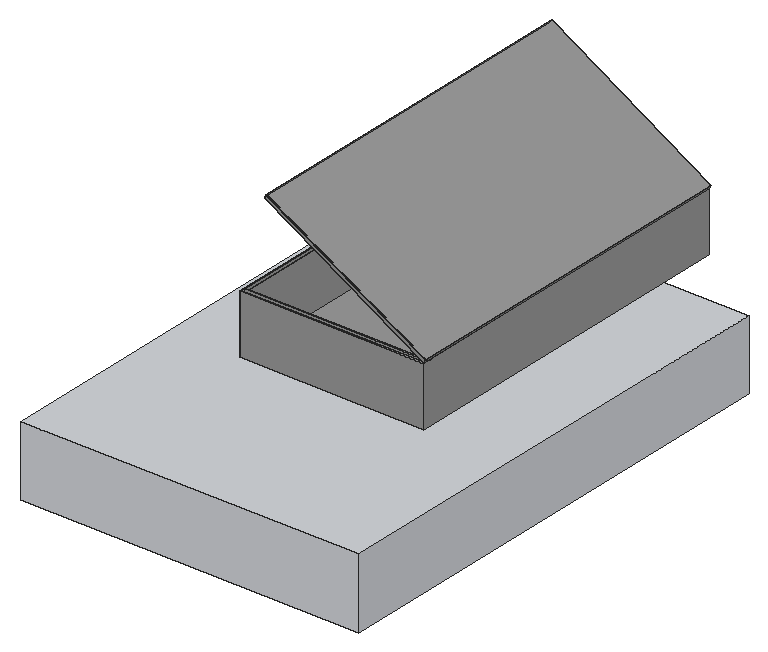
Revit family "Hager-Univers-IP55-D275-H1550-Cl.II-Steel_encl-DE-de", category Equipement électrique, Revit 2020
Family settings
  Hôte = Face
  Configuration du panneau = Deux colonnes, circuits au sein
  Cote de connecteur circulaire = Utiliser le diamètre
  Type d'élément = Tableau de raccordement
  Couper avec des vides une fois chargée = Non
  Partagée = Non
  Point de calcul de pièce = Non
Parameters (values of type "Aufputz IP55 B800 H1550 T275  - FR03S")
  Width Control [instance] = if([EF000008 - Breite] > Min Width, [EF000008 - Breite], Min Width)  # 800 mm
  Commentaires du type = [HG000003 - Bereich]  # "Univers"
  Thickness Door [instance] = if([EF009171 - Materialstärke Tür/Deckel] > 3 mm, 3 mm, [EF009171 - Materialstärke Tür/Deckel])  # 1.5 mm
  Seal Frame Offset [instance] = 17 mm  # constant formula
  Plinth Visibility [instance] = [HG000027 - Sockelhöhe] > 0 mm  # no
  Model = ""
  Min Width [instance] = 100 mm  # constant formula
  Min Height [instance] = 100 mm  # constant formula
  Min Depth [instance] = (2 * [EF009170 - Materialstärke Gehäuse]) + 1 mm  # 4 mm
  Internal Frame Depth [instance] = (Door System Depth * 0.5)  # 9 mm
  Height Control [instance] = if([EF000040 - Höhe] > Min Height, [EF000040 - Höhe], Min Height)  # 1550 mm
  HG000027 - Sockelhöhe = 0 mm
  HG000026 - Stehend auf dem Boden = no
  HG000024 - Höhe des unteren Teils = 800 mm
  HG000023 - Gehäuse mit doppeltem Querschnitt = no
  HG000016 - 3D-Türsichtbarkeit [instance] = yes
  HG000015 - Sichtbarkeit der Türöffnung [instance] = no
  HG000014 - Tür rechts [instance] = yes
  HG000013 - Tür links [instance] = not([HG000014 - Tür rechts])  # no
  HG000012 - Türschwenkwinkel [instance] = 30.00°
  HG000010 - Asymmetrische Türen = no
  HG000009 - Doppelflügeligen Tür = no
  HG000006 - Unterputz = no
  HG000004 - Herstellerreferenz = "FR03S"
  HG000003 - Bereich = "Univers"
  HG000002 - Mit tür = yes
  Frame Offset Bottom [instance] = 10 mm  # constant formula
  Frame Offset [instance] = 15 mm  # constant formula
  EF015940 - Deckel mit Überdruckentlastung = no
  EF011959 - Schutzart (NEMA) = ""
  EF009554 - Anzahl der Öffnungen für Flanschplatten = 6
  Fabricant = "Hager"  # constant formula
  EF009212 - Ausführung Deckel = "EV000116 - geschlossen"
  EF009171 - Materialstärke Tür/Deckel = 1.5 mm
  EF009170 - Materialstärke Gehäuse = 1.5 mm
  EF008873 - Nennstrom (In) = 800 A
  EF007800 - Geeignet für Blitzschutz = no
  EF006306 - Mit Schloss = no
  EF006244 - Transparenter Deckel/Tür = no
  EF005474 - Schutzart (IP) = "EV006420 - IP55"
  EF004464 - Art der Tür = "EV002646 - Einzel"
  EF004427 - Anzahl der Module = 360
  EF004293 - Schlagfestigkeit = "EV008784 - IK10"
  EF003532 - Geeignet für Außengebrauch = no
  EF002950 - Breite in Teilungseinheiten = 24
  EF001613 - Funktionserhalt = "EV000494 - ohne"
  EF001596 - Werkstoff des Gehäuses = "EV000179 - Stahl"
  EF001131 - Innentiefe = 275 mm
  EF001088 - Anbaumöglichkeit = yes
  EF000437 - Anzahl der Leitungseinführungen = 6
  EF000339 - Art der Abdeckung = "EV004216 - Tür"
  EF000266 - Anzahl der Reihen = 10
  EF000218 - Einbautiefe = 0 mm
  EF000118 - Mit Montageplatte = no
  EF000116 - RAL-Nummer = "7035"
  EF000049 - Tiefe = 275 mm
  EF000040 - Höhe = 1550 mm
  EF000008 - Breite = 800 mm
  EF000007 - Farbe = "EV000270 - grau"
  EF000003 - Montageart = "EV000384 - Aufputz"
  Door System Leaf Tolerance [instance] = 1.5 mm  # constant formula
  Door System Depth [instance] = 18 mm  # constant formula
  Door Height [instance] = Height Control - [HG000027 - Sockelhöhe]  # 1550 mm
  Depth Control [instance] = if([EF000049 - Tiefe] > Min Depth, [EF000049 - Tiefe], Min Depth)  # 275 mm
  Default Elevation = 0 mm
  Connector Offset [instance] = Height Control / 2  # 775 mm
  Bottom Top Plate Trim [instance] = 1.5 mm  # constant formula
  Plinth height Ctrl [instance] = if([HG000027 - Sockelhöhe] > 0 mm, [HG000027 - Sockelhöhe], 12 mm)  # 12 mm
Types (5, lengths in mm): name | Width Control | HG000010 - Asymmetrische Türen | HG000009 - Doppelflügeligen Tür | HG000004 - Herstellerreferenz | EF009554 - Anzahl der Öffnungen für Flanschplatten | EF004464 - Art der Tür | EF004427 - Anzahl der Module | EF000437 - Anzahl der Leitungseinführungen | EF000008 - Breite
  Aufputz IP55 B1050 H1550 T275  - FR04S | 1050 | no | yes | "FR04S" | 8 | "EV003602 - Doppel" | 480 | 8 | 1050
  Aufputz IP55 B1300 H1550 T275  - FR05S | 1300 | yes | yes | "FR05S" | 10 | "EV003602 - Doppel" | 600 | 10 | 1300
  Aufputz IP55 B300 H1550 T275  - FR01S | 300 | no | no | "FR01S" | 2 | "EV002646 - Einzel" | 120 | 2 | 300
  Aufputz IP55 B550 H1550 T275  - FR02S | 550 | no | no | "FR02S" | 4 | "EV002646 - Einzel" | 240 | 4 | 550
  Aufputz IP55 B800 H1550 T275  - FR03S | 800 | no | no | "FR03S" | 6 | "EV002646 - Einzel" | 360 | 6 | 800
Reference planes
  plane 1 "Center (Front/Back)": y = 0
  plane 2: z = 0
  plane 3 "Center (Left/Right)": x = 0
  plane 4: z = 275
  plane 5: y = 1.5
  plane 6: y = 775
  plane 7: y = 0
  plane 8: y = 1550
  plane 9: z = 0
  plane 10: x = -385
  plane 11: x = 385
  plane 12: x = 383.5
  plane 13: x = -383.5
  plane 14: y = 1548.5
  plane 15: x = -383
  plane 16: x = -400
  plane 17: x = 383
  plane 18: x = 400
  plane 19: x = 398.5
  plane 20: x = -398.5
  plane 21: y = 11.5
  plane 22: y = 1550
  plane 23: y = 1533.5
  plane 24: z = 257
  plane 25: z = 1.5
  plane 26: z = 255.5
  plane 27: z = 273.5
Forms (mm)
  Extrusion 1, solid
    sketch origin (0, 0, 0) x (1, 0, 0) y (0, 1, 0)
      loop
        line (-702.964, 1305) -> (-702.964, -811.445) -> (766.763, -811.445) -> (766.763, 1305) -> (-702.964, 1305)
    from 0 to -304.8
  Extrusion 2, solid, material "Hager_Steel_RAL7035_Light_Grey", visible <- "Plinth Visibility", detail levels medium+fine
    sketch origin (0, 0, 0) x (1, 0, 0) y (0, 1, 0)
      loop
        line (-400, 0) -> (400, 0) -> (400, 12) -> (-400, 12) -> (-400, 0)
    from 0 to 257
  Extrusion 3, solid, material "Hager_Steel_RAL7035_Light_Grey", detail levels medium+fine
    sketch origin (0, 0, 0) x (1, 0, 0) y (0, 1, 0)
      loop
        line (-400, 0) -> (400, 0) -> (400, 1550) -> (-400, 1550) -> (-400, 0)
    from 0 to 257
  Extrusion 4, void
    sketch origin (0, 0, 0) x (1, 0, 0) y (0, 1, 0)
      loop
        line (-398.5, 1.5) -> (398.5, 1.5) -> (398.5, 1548.5) -> (-398.5, 1548.5) -> (-398.5, 1.5)
    from 1.5 to 255.5
  Extrusion 5, void
    sketch origin (-381.607, -4572, 257) x (0, -1, 0) y (-1, 0, 0)
      loop
        line (-4583.5, 1.893) -> (-6105.5, 1.893) -> (-6105.5, -765.107) -> (-4583.5, -765.107) -> (-4583.5, 1.893)
    from 0 to 1.5 <- "EF009170 - Materialstärke Gehäuse"
  Extrusion 6, solid, material "Hager_Steel_RAL7035_Light_Grey", detail levels fine
    sketch origin (0, 0, 257) x (1, 0, 0) y (0, 1, 0)
      loop
        line (-383.5, 1533.5) -> (-383.5, 11.5) -> (383.5, 11.5) -> (383.5, 1533.5) -> (-383.5, 1533.5)
      loop
        line (-385, 10) -> (385, 10) -> (385, 1535) -> (-385, 1535) -> (-385, 10)
    from 0 to 9 <- "Internal Frame Depth"
  Extrusion 7, solid, material "Hager_Steel_RAL7035_Light_Grey", detail levels coarse
    sketch origin (0, 0, 0) x (1, 0, 0) y (0, 1, 0)
      loop
        line (-400, 0) -> (400, 0) -> (400, 1550) -> (-400, 1550) -> (-400, 0)
    from 0 to 275
  Sweep 8, void
    path in 3D
      loop
        line (-400, 12, 0) -> (400, 12, 0) -> (400, 12, 257) -> (-400, 12, 257) -> (-400, 12, 0)
    profile origin (-400, 12, 128.5) x (-1, 0, 0) y (0, -1, 0)
      loop
        line (0, 0) -> (0, 1.5) -> (-1.5, 1.5)
        arc (-1.5, 1.5) -> (-1.061, 0.439) -> (0, 0) r 1.5
Cuts and joins
  Extrusion 4, Extrusion 5 cuts Extrusion 3
  Sweep 8 cuts Extrusion 2
Lines and regions (mm)
  Masking region 1
    outline origin (0, 0, 0) x (1, 0, 0) y (0, 0, 1)
      loop
        line (-400, 275) -> (-400, 0) -> (400, 0) -> (400, 275) -> (-400, 275)
  Masking region 2, detail levels medium+fine
    outline origin (0, 140, 0) x (0, 1, 0) y (0, 0, 1)
      loop
        line (-140, 0) -> (1410, 0) -> (1410, 257) -> (-140, 257) -> (-140, 0)
  Masking region 3, not visible, detail levels medium+fine
    outline origin (0, 297.922, 0) x (0, 1, 0) y (0, 0, 1)
      loop
        line (488.578, 0) -> (528.578, 0) -> (528.578, 263.5)
        arc (528.578, 263.5) -> (525.649, 270.571) -> (518.578, 273.5) r 10
        line (518.578, 273.5) -> (488.578, 273.5) -> (488.578, 0)
  Masking region 4, detail levels coarse
    outline origin (0, 0, 180) x (0, 1, 0) y (0, 0, 1)
      loop
        line (0, -180) -> (1550, -180) -> (1550, 95) -> (0, 95) -> (0, -180)
  Masking region 5, visible <- "Plinth Visibility", detail levels medium+fine
    outline origin (0, 52.24, 12.345) x (0, 0, -1) y (0, 1, 0)
      loop
        line (10.845, -40.24) -> (-243.155, -40.24)
        arc (-243.155, -40.24) -> (-243.594, -41.301) -> (-244.655, -41.74) r 1.5
        line (-244.655, -41.74) -> (-244.655, -52.24) -> (12.345, -52.24) -> (12.345, -41.74)
        arc (12.345, -41.74) -> (11.285, -41.301) -> (10.845, -40.24) r 1.5
  Masking region 6, detail levels medium+fine
    outline origin (-381.607, -4572, 257) x (-1, 0, 0) y (0, -1, 0)
      loop
        line (18.393, -6122) -> (18.393, -4572) -> (-781.607, -4572) -> (-781.607, -6122) -> (18.393, -6122)
  Masking region 7, visible <- "Plinth Visibility", detail levels medium+fine
    outline origin (-381.607, -4727, 257) x (-1, 0, 0) y (0, -1, 0)
      loop
        arc (16.893, -4739) -> (17.332, -4737.939) -> (18.393, -4737.5) r 1.5
        line (18.393, -4737.5) -> (18.393, -4727) -> (-781.607, -4727) -> (-781.607, -4737.5)
        arc (-781.607, -4737.5) -> (-780.546, -4737.939) -> (-780.107, -4739) r 1.5
        line (-780.107, -4739) -> (16.893, -4739)
  Masking region 8, detail levels coarse
    outline origin (-442.548, -4669.526, 257) x (-1, 0, 0) y (0, -1, 0)
      loop
        line (-42.548, -6219.526) -> (-42.548, -4669.526) -> (-842.548, -4669.526) -> (-842.548, -6219.526) -> (-42.548, -6219.526)
  sketch lines
    curve 1: line (-400, 12, 257) -> (-400, 12, 0)
    curve 2: line (400, 12, 257) -> (-400, 12, 257)
    curve 3: line (400, 12, 257) -> (400, 12, 0)
    curve 4: line (-400, 12, 0) -> (400, 12, 0)
Dimensions and locks
  "Depth Control": plane 4 to Extrusion 1
  "HG000027 - Sockelhöhe": plane 1 "Center (Front/Back)" to plane 7
  "EF009170 - Materialstärke Gehäuse": plane 5 to plane 7
  locked: connector elem to plane 3 "Center (Left/Right)"
  equal spacing: plane 8, plane 6, plane 7
  locked: connector elem to plane 6
  "EF009170 - Materialstärke Gehäuse": plane 8 to plane 14
  "EF009170 - Materialstärke Gehäuse": plane 10 to plane 13
  "EF009170 - Materialstärke Gehäuse": plane 12 to plane 11
  "Frame Offset": plane 20 to plane 13
  "Frame Offset": plane 12 to plane 19
  "EF009170 - Materialstärke Gehäuse": plane 16 to plane 20
  "EF009170 - Materialstärke Gehäuse": plane 19 to plane 18
  "Seal Frame Offset": plane 16 to plane 15
  "Seal Frame Offset": plane 17 to plane 18
  "Frame Offset Bottom": plane 21 to plane 5
  "Frame Offset": plane 14 to plane 23
  equal spacing: plane 16, plane 3 "Center (Left/Right)", plane 18
  "Width Control": plane 16 to plane 18
  "EF009170 - Materialstärke Gehäuse": plane 4 to plane 27
  "EF009170 - Materialstärke Gehäuse": plane 24 to plane 26
  "EF009170 - Materialstärke Gehäuse": plane 25 to level
  "Door System Depth": plane 4 to plane 24
  "Height Control": plane 1 "Center (Front/Back)" to Extrusion 7 sketch curve
  "Height Control": Masking region 4 sketch curve to plane 1 "Center (Front/Back)"
  "Height Control": plane 1 "Center (Front/Back)" to plane 22
  "Bottom Top Plate Trim": profile plane to Sweep 8 sketch curve
  "Bottom Top Plate Trim": Sweep 8 sketch curve to profile plane
  "Plinth height Ctrl": plane 1 "Center (Front/Back)" to Extrusion 2 sketch curve
  "Plinth height Ctrl": Masking region 5 sketch curve to plane 1 "Center (Front/Back)"
  "Plinth height Ctrl": plane 1 "Center (Front/Back)" to Masking region 7 sketch curve
  "Thickness Door": Extrusion 6 sketch curve to Extrusion 6 sketch curve  (x3)
  "Thickness Door": cut or joined group of Extrusion 3, Extrusion 4, Extrusion 5 to Extrusion 6 sketch curve
  radius of Masking region 3 sketch curve = 10 mm
  "Bottom Top Plate Trim": radius of Masking region 5 sketch curve  (x2)
  "Bottom Top Plate Trim": radius of Sweep 8 sketch curve
  "Bottom Top Plate Trim": radius of Masking region 7 sketch curve  (x2)
  aligned and locked: plane 2 to Extrusion 1
  aligned and locked: level to Extrusion 1
  aligned and locked: level to Masking region 1 sketch curve
  aligned and locked: Masking region 1 sketch curve to plane 18
  aligned and locked: Masking region 1 sketch curve to plane 16
  aligned and locked: plane 7 to Masking region 2 sketch curve
  aligned and locked: level to Masking region 3 sketch curve
  aligned and locked: Masking region 3 sketch curve to plane 27
  aligned and locked: level to Masking region 2 sketch curve
  aligned and locked: plane 1 "Center (Front/Back)" to Extrusion 2 sketch curve
  aligned and locked: Extrusion 3 sketch curve to plane 7
  aligned and locked: plane 16 to Extrusion 3 sketch curve
  aligned and locked: plane 18 to Extrusion 3 sketch curve
  aligned and locked: plane 20 to Extrusion 4 sketch curve
  aligned and locked: plane 19 to Extrusion 4 sketch curve
  aligned and locked: Extrusion 4 sketch curve to plane 5
  aligned and locked: Extrusion 4 to plane 25
  aligned and locked: plane 26 to Extrusion 4
  aligned and locked: plane 24 to Extrusion 3
  aligned and locked: Extrusion 5 sketch curve to plane 21
  aligned and locked: Extrusion 5 sketch curve to plane 13
  aligned and locked: Extrusion 5 sketch curve to plane 12
  aligned and locked: plane 18 to Extrusion 7 sketch curve
  aligned and locked: plane 1 "Center (Front/Back)" to Extrusion 7 sketch curve
  aligned and locked: plane 16 to Extrusion 7 sketch curve
  aligned and locked: plane 4 to Extrusion 7
  aligned and locked: Extrusion 7 to level
  aligned and locked: level to Masking region 4 sketch curve
  aligned and locked: Masking region 4 sketch curve to plane 1 "Center (Front/Back)"
  aligned and locked: Masking region 4 sketch curve to plane 4
  aligned and locked: nested 1 to level
  aligned and locked: nested 1 to plane 16
  aligned and locked: plane 8 to Extrusion 3 sketch curve
  aligned and locked: plane 23 to Extrusion 5 sketch curve
  aligned and locked: plane 14 to Extrusion 4 sketch curve
  aligned and locked: Masking region 2 sketch curve to plane 8
  aligned and locked: level to Masking region 5 sketch curve
  aligned and locked: plane 16 to Extrusion 2 sketch curve
  aligned and locked: plane 18 to Extrusion 2 sketch curve
  aligned and locked: Masking region 5 sketch curve to plane 24
  aligned and locked: Masking region 2 sketch curve to plane 24
  aligned and locked: plane 24 to Extrusion 2
  aligned and locked: profile plane to Sweep 8 sketch curve  (x2)
  aligned and locked: Masking region 6 sketch curve to plane 18
  aligned and locked: Masking region 6 sketch curve to plane 22
  aligned and locked: Masking region 6 sketch curve to plane 16
  aligned and locked: plane 8 to plane 22
  aligned and locked: Masking region 6 sketch curve to plane 7
  aligned and locked: Masking region 7 sketch curve to plane 16
  aligned and locked: Masking region 7 sketch curve to plane 1 "Center (Front/Back)"
  aligned and locked: Masking region 7 sketch curve to plane 18
  aligned and locked: Masking region 8 sketch curve to plane 1 "Center (Front/Back)"
  aligned and locked: Masking region 8 sketch curve to plane 18
  aligned and locked: Masking region 8 sketch curve to plane 22
  aligned and locked: Masking region 8 sketch curve to plane 16
  aligned and locked: nested 2 to plane 7
  aligned and locked: plane 3 "Center (Left/Right)" to nested 2
  aligned and locked: nested 2 to plane 24
  aligned and locked: Extrusion 6 sketch curve to cut or joined group of Extrusion 3, Extrusion 4, Extrusion 5  (x4)
Automatic sketch dimensions
  Extrusion 1 sketch curve to Extrusion 1 sketch curve = 1469.727 mm
  Extrusion 1 sketch curve to Extrusion 1 sketch curve = 2116.445 mm
  Masking region 1 sketch curve to plane 4 = 0 mm
  plane 6 to Masking region 3 sketch curve = 11.5 mm
  Masking region 3 sketch curve to Masking region 3 sketch curve = 30 mm
  Masking region 5 sketch curve to plane 1 "Center (Front/Back)" = 0 mm
Nested families
  nested 1: "Hager_Enclosure_Symbol" at (-400, 0, 0) x (1, 0, 0) z (0, -1, 0), Height <- "Depth Control", Width <- "Width Control", type "Hager_Enclosure_Symbol"
    with Width_Ctrl 800 mm, Width 800 mm, Height_Ctrl 275 mm, Height 275 mm, A_Width_Int 18.047 mm, A_Width 216.562 mm, A_Height_Ctrl 240.625 mm, A_Height 240.625 mm
  nested 2: "EC000058_Univers_Door" at (0, 0, 257) x (1, 0, 0) z (0, 1, 0), Leaf_Tolerance <- "Door System Leaf Tolerance", Angle <- "HG000012 - Türschwenkwinkel", Door_Depth <- "Door System Depth", Door_Left <- "HG000013 - Tür links", Transparent <- "EF006244 - Transparenter Deckel/Tür", Assymetrical <- "HG000010 - Asymmetrische Türen", Width <- "Width Control", Clearance <- "HG000015 - Sichtbarkeit der Türöffnung", Double <- "HG000009 - Doppelflügeligen Tür", 3d_Door <- "HG000016 - 3D-Türsichtbarkeit", Lock_Visibility <- "EF006306 - Mit Schloss", Width_Ctrl <- "Width Control", Door_Right <- "HG000014 - Tür rechts", Door <- "HG000002 - Mit tür", Height <- "Door Height", Thickness <- "Thickness Door", type "EC000058_Univers_Door", detail levels medium+fine
    with min_wh 4 mm, Width_Ctrl 800 mm, Width 800 mm, Transparent no, Thickness 1.5 mm, Seal_Material Hager_Rubber, Lock_Visibility no, Lock_Material Hager_Plastic_RAL9005_Jet_Black, Leaf_Width 800 mm, Leaf_Tolerance_External_Sides 0 mm, Leaf_Tolerance 1.5 mm, Leaf_Offset 0 mm, Leaf_Height 1547 mm, Leaf_2_Width 800 mm, Leaf_2_Offset 400 mm, Leaf_1_Width 800 mm, Leaf_1_Offset 400 mm, Height_Ctrl 1550 mm, Height 1550 mm, Glass_Material Hager_Glass, Double_Clearance_Ctrl no, Double no, Door_Right_Ctrl yes, Door_Right yes, Door_Material Hager_Steel_RAL7035_Light_Grey, Door_Left_Ctrl no, Door_Left no, Door_Depth 18 mm, Door yes, Clearance_Material Hager_Clearance, Clearance_Depth 800 mm, Clearance_Ctrl no, Clearance no, Assymetrical no, Angle 30.00°, 3d_Door yes
Connectors
  electrical at (0, 775, 0)
    settings: on plane 9, index 1, voltage 0 V, apparent load 0 VA, apparent load phase1 0 VA, apparent load phase2 0 VA, apparent load phase3 0 VA, power factor 1, load classification "Other", number of poles 1, system type 30, power factor state 1, is connector primary yes, connector utility no, sub classification motor no, connector description ""
Definition of nested family "EC000058_Univers_Door"
  Parameters (values of type "EC000058_Univers_Door")
    min_wh [instance] = (2 * Thickness) + 1 mm  # 11 mm
    Width_Ctrl [instance] = 400 mm
    Width [instance] = 500 mm
    Transparent [instance] = yes
    Thickness [instance] = 5 mm
    Seal_Material [instance] = none
    Lock_Visibility [instance] = yes
    Lock_Material [instance] = none
    Leaf_Width [instance] = if((Width_Ctrl - 2 * Leaf_Tolerance_External_Sides) > 0 mm, (Width_Ctrl - 2 * Leaf_Tolerance_External_Sides), min_wh)  # 400 mm
    Leaf_Tolerance_External_Sides [instance] = 0 mm  # constant formula
    Leaf_Tolerance [instance] = 1.5 mm
    Leaf_Offset [instance] = 0 mm  # constant formula
    Leaf_Height [instance] = if((Height_Ctrl - 2 * Leaf_Tolerance) > 0 mm, (Height_Ctrl - 2 * Leaf_Tolerance), min_wh)  # 497 mm
    Leaf_2_Width [instance] = if(and(and(Double, Assymetrical), Door_Left), (Leaf_Width / 3) - (Leaf_Tolerance / 2), if(and(and(Double, Assymetrical), Door_Right), (Leaf_Width / 3) * 2 - (Leaf_Tolerance / 2), if(and(Double, not(Assymetrical)), (Leaf_Width / 2) - Leaf_Tolerance, Leaf_Width)))  # 400 mm
    Leaf_2_Offset [instance] = if(and(Double, Assymetrical), Leaf_2_Width / 2, if(and(Double, not(Assymetrical)), Leaf_Width / 4, Leaf_Width / 2))  # 200 mm
    Leaf_1_Width [instance] = if(and(and(Double, Assymetrical), Door_Right), (Leaf_Width / 3) - (Leaf_Tolerance / 2), if(and(and(Double, Assymetrical), Door_Left), (Width / 3) * 2 - (Leaf_Tolerance / 2), if(and(Double, not(Assymetrical)), (Leaf_Width / 2) - Leaf_Tolerance, Leaf_Width)))  # 400 mm
    Leaf_1_Offset [instance] = if(and(Double, Assymetrical), Leaf_1_Width / 2, if(and(Double, not(Assymetrical)), Leaf_Width / 4, Leaf_Width / 2))  # 200 mm
    Height_Ctrl [instance] = if(Height > min_wh, Height, min_wh)  # 500 mm
    Height [instance] = 500 mm
    Glass_Material [instance] = none
    Double_Clearance_Ctrl [instance] = and(Double, Clearance)  # no
    Double [instance] = no
    Door_Right_Ctrl [instance] = and(or(Door_Right, Double), Door)  # yes
    Door_Right [instance] = yes
    Door_Material [instance] = none
    Door_Left_Ctrl [instance] = and(or(Door_Left, Double), Door)  # no
    Door_Left [instance] = no
    Door_Depth [instance] = 30 mm
    Door [instance] = yes
    Default Elevation = 1219.2 mm
    Clearance_Material [instance] = none
    Clearance_Depth [instance] = if(Leaf_1_Width > Leaf_2_Width, Leaf_1_Width, Leaf_2_Width)  # 400 mm
    Clearance_Ctrl [instance] = and(not(Double), Clearance)  # yes
    Clearance [instance] = yes
    Assymetrical [instance] = yes
    Angle [instance] = 30.00°
    3d_Door [instance] = yes
  Reference planes
    plane 1 "Center (Front/Back)": y = 0
    plane 2 "Bottom": z = 0
    plane 3 "Center (Left/Right)": x = 0
    plane 4: z = 500
    plane 5: x = -200
    plane 6: x = 200
    plane 7: z = 500
    plane 8: x = -200
    plane 9: z = 0
    plane 10: x = 200
    plane 11: y = 0
    plane 12: z = 1.5
    plane 13: x = -600
    plane 14: y = -400
    plane 15: x = 600
    plane 16: x = 0
    plane 17: x = 0
    plane 18: x = -200
    plane 19: x = 200
    plane 20: z = 498.5
  Forms (mm)
    Extrusion 1, solid, material <- "Clearance_Material", visible <- "Double_Clearance_Ctrl"
      sketch origin (1200, 0, 0) x (1, 0, 0) y (0, 0, -1)
        loop
          line (-1800, -498.5) -> (-600, -498.5) -> (-600, 0) -> (-1800, 0) -> (-1800, -498.5)
      from 0 to -400
  Dimensions and locks
    equal spacing: plane 5, plane 3 "Center (Left/Right)", plane 6
    "Width_Ctrl": plane 5 to plane 6
    "Leaf_Offset": plane 5 to plane 8
    "Leaf_Offset": plane 6 to plane 10
    "Leaf_Offset": plane 9 to level
    "Leaf_Offset": plane 4 to plane 7
    "Height_Ctrl": plane 4 to level
    "Leaf_Tolerance": plane 12 to plane 9
    locked: plane 11 to plane 1 "Center (Front/Back)"
    "Leaf_1_Offset": plane 18 to plane 16
    "Leaf_2_Offset": plane 17 to plane 19
    "Leaf_1_Width": plane 13 to plane 8
    "Leaf_2_Width": plane 10 to plane 15
    "Clearance_Depth": plane 14 to plane 1 "Center (Front/Back)"
    "Leaf_Tolerance_External_Sides": plane 8 to plane 18
    "Leaf_Tolerance_External_Sides": plane 19 to plane 10
    "Leaf_Tolerance": plane 7 to plane 20
    aligned and locked: level to plane 2 "Bottom"
    aligned and locked: nested 1 to plane 16
    aligned and locked: nested 2 to plane 17
    aligned and locked: Extrusion 1 to plane 13
    aligned and locked: plane 15 to Extrusion 1
    aligned and locked: Extrusion 1 to plane 14
    aligned and locked: plane 12 to nested 1
    aligned and locked: nested 2 to plane 12
    aligned and locked: Extrusion 1 to plane 11
    aligned and locked: plane 20 to Extrusion 1
    aligned and locked: nested 2 to plane 11
    aligned and locked: nested 1 to plane 11
  Automatic sketch dimensions
    Extrusion 1 sketch curve to level = 0 mm
    plane 5 to Extrusion 1 sketch curve = 400 mm
    plane 6 to Extrusion 1 sketch curve = 400 mm
    Extrusion 1 sketch curve to plane 4 = 1.5 mm
  Nested families
    nested 1: "EC000058_Univers_Door_Leaf" at (0, 0, 1.5), Width <- "Leaf_1_Width", visible <- "Door_Left_Ctrl", Leaf_Height <- "Leaf_Height", Angle <- "Angle", 3d_Door <- "3d_Door", Transparent <- "Transparent", Clearance Material <- "Clearance_Material", Clearance <- "Clearance_Ctrl", Door_Material <- "Door_Material", Glass_Material <- "Glass_Material", Door_Depth <- "Door_Depth", Lock_Material <- "Lock_Material", Seal_Material <- "Seal_Material", Lock_Visibility <- "Lock_Visibility", Thickness <- "Thickness", type "EC000058_Univers_Door_Leaf"
      with Width 400 mm, Transparent_Glass_Offset 30 mm, Transparent_Ctrl yes, Transparent yes, Thickness 5 mm, Standard no, Seal_Material none, Seal_D2 8 mm, Seal_D1 1 mm, Offset_Internal_Frame 10 mm, Lock_Width 20 mm, Lock_Visibility_3d yes, Lock_Visibility yes, Lock_Thickness_3 3 mm, Lock_Thickness_2 1 mm, Lock_Thickness_1 3 mm, Lock_Radius_Offset_2 16 mm, Lock_Radius_Offset_1 15 mm, Lock_Radius_2 5 mm, Lock_Radius 6 mm, Lock_Offset 5 mm, Lock_Material none, Lock_Height 80 mm, Lock_Cover_Top_Offset_2d 17 mm, Lock_Cover_Height -65 mm, Leaf_Height 497 mm, Internal_Seal_Thickness 8 mm, Internal_Seal_Depth_2 4.5 mm, Internal_Frame_Depth 25 mm, Glass_Thickness -1 mm, Glass_Offset -2 mm, Glass_Material none, Door_Material none, Door_Depth 30 mm, Clearance Material none, Clearance yes, Angle_Ctrl 30.00°, Angle 30.00°, 3d_Door yes
    nested 2: "EC000058_Univers_Door_Leaf" at (0, 0, 1.5) x (-1, 0, 0) z (0, 0, 1), Width <- "Leaf_2_Width", visible <- "Door_Right_Ctrl", Leaf_Height <- "Leaf_Height", Angle <- "Angle", 3d_Door <- "3d_Door", Transparent <- "Transparent", Clearance Material <- "Clearance_Material", Clearance <- "Clearance_Ctrl", Door_Material <- "Door_Material", Glass_Material <- "Glass_Material", Door_Depth <- "Door_Depth", Lock_Material <- "Lock_Material", Seal_Material <- "Seal_Material", Lock_Visibility <- "Lock_Visibility", Thickness <- "Thickness", type "EC000058_Univers_Door_Leaf"
      with Width 400 mm, Transparent_Glass_Offset 30 mm, Transparent_Ctrl yes, Transparent yes, Thickness 5 mm, Standard no, Seal_Material none, Seal_D2 8 mm, Seal_D1 1 mm, Offset_Internal_Frame 10 mm, Lock_Width 20 mm, Lock_Visibility_3d yes, Lock_Visibility yes, Lock_Thickness_3 3 mm, Lock_Thickness_2 1 mm, Lock_Thickness_1 3 mm, Lock_Radius_Offset_2 16 mm, Lock_Radius_Offset_1 15 mm, Lock_Radius_2 5 mm, Lock_Radius 6 mm, Lock_Offset 5 mm, Lock_Material none, Lock_Height 80 mm, Lock_Cover_Top_Offset_2d 17 mm, Lock_Cover_Height -65 mm, Leaf_Height 497 mm, Internal_Seal_Thickness 8 mm, Internal_Seal_Depth_2 4.5 mm, Internal_Frame_Depth 25 mm, Glass_Thickness -1 mm, Glass_Offset -2 mm, Glass_Material none, Door_Material none, Door_Depth 30 mm, Clearance Material none, Clearance yes, Angle_Ctrl 30.00°, Angle 30.00°, 3d_Door yes
  Definition of nested family "EC000058_Univers_Door_Leaf"
    Parameters (values of type "EC000058_Univers_Door_Leaf")
      Width [instance] = 2000 mm
      Transparent_Glass_Offset [instance] = 30 mm
      Transparent_Ctrl [instance] = and(Transparent, [3d_Door])  # yes
      Transparent [instance] = yes
      Thickness [instance] = 5 mm
      Standard [instance] = and(not(Transparent), [3d_Door])  # no
      Seal_Material [instance] = none
      Seal_D2 [instance] = 8 mm  # constant formula
      Seal_D1 [instance] = 1 mm  # constant formula
      Offset_Internal_Frame [instance] = 10 mm  # constant formula
      Lock_Width [instance] = 20 mm  # constant formula
      Lock_Visibility_3d [instance] = and(Lock_Visibility, [3d_Door])  # yes
      Lock_Visibility [instance] = yes
      Lock_Thickness_3 [instance] = 3 mm  # constant formula
      Lock_Thickness_2 [instance] = 1 mm  # constant formula
      Lock_Thickness_1 [instance] = 3 mm  # constant formula
      Lock_Radius_Offset_2 [instance] = Lock_Radius_Offset_1 + 1 mm  # 16 mm
      Lock_Radius_Offset_1 [instance] = 15 mm  # constant formula
      Lock_Radius_2 [instance] = Lock_Radius - 1 mm  # 5 mm
      Lock_Radius [instance] = 6 mm  # constant formula
      Lock_Offset [instance] = 5 mm  # constant formula
      Lock_Material [instance] = none
      Lock_Height [instance] = 80 mm  # constant formula
      Lock_Cover_Top_Offset_2d [instance] = Lock_Radius_Offset_2 + 1 mm  # 17 mm
      Lock_Cover_Height [instance] = -(Lock_Height - Lock_Radius_Offset_1)  # -65 mm
      Leaf_Height [instance] = 2720.336 mm
      Internal_Seal_Thickness [instance] = 8 mm  # constant formula
      Internal_Seal_Depth_2 [instance] = 4.5 mm  # constant formula
      Internal_Frame_Depth [instance] = if(Door_Depth - Thickness > 5 mm, Door_Depth - Thickness, 5 mm)  # 25 mm
      Glass_Thickness [instance] = if(Thickness > 15 mm, Glass_Offset + 10 mm, -1 mm)  # -1 mm
      Glass_Offset [instance] = if(Thickness > 15 mm, -(Thickness + 10 mm) / 2, -2 mm)  # -2 mm
      Glass_Material [instance] = none
      Door_Material [instance] = none
      Door_Depth [instance] = 30 mm
      Default Elevation = 0 mm
      Clearance Material [instance] = none
      Clearance [instance] = yes
      Angle_Ctrl [instance] = if(Angle > 180.00°, 180.00°, Angle)  # 90.00°
      Angle [instance] = 90.00°
      3d_Door [instance] = yes
    Reference planes
      plane 1 "Center (Front/Back)": y = 0
      plane 2: z = 0
      plane 3 "Center (Left/Right)": x = 0
      plane 4: y = 2000
      plane 5: x = -1000
      plane 6: x = 1000
      plane 7: x = -3000
      plane 8: z = 2720.336
      plane 9: z = 30
      plane 10: z = 2690.336
      plane 11: x = 970
      plane 12: x = -970
      plane 13: y = -3
      plane 14: z = 107.833
      plane 15: y = -5
      plane 16: y = -223.314
      plane 17: x = -1000
      plane 18: z = 1360.168
      plane 19: y = 30
    Forms (mm)
      Extrusion 1, solid, material <- "Clearance Material", visible <- "Clearance"
        sketch origin (0, 0, 0) x (1, 0, 0) y (0, 0, 1)
          loop
            line (-3000, 2720.336) -> (-3000, 0) -> (1000, 0) -> (1000, 2720.336) -> (-3000, 2720.336)
        from 0 to -2000
      Extrusion 2, solid, material <- "Door_Material", visible <- "Standard", detail levels medium+fine
        sketch origin (-1000, 0, 0) x (0, 1, 0) y (-1, 0, 0)
          loop
            line (0, 30) -> (0, 25) -> (2000, 25) -> (2000, 30) -> (0, 30)
        from 0 to 2720.336 <- "Leaf_Height"
      Extrusion 3, solid, material <- "Door_Material", visible <- "Transparent_Ctrl", detail levels medium+fine
        sketch origin (-1000, 0, 0) x (0, 1, 0) y (-1, 0, 0)
          loop
            line (0, 25) -> (2000, 25) -> (2000, 30) -> (0, 30) -> (0, 25)
        from 0 to 2720.336 <- "Leaf_Height"
      Extrusion 4, void
        sketch origin (-1025, 2000, 0) x (0, 1, 0) y (0, 0, -1)
          loop
            line (-30, -2690.336) -> (-30, -30) -> (-1970, -30) -> (-1970, -2690.336) -> (-30, -2690.336)
        from 0 to 5 <- "Thickness"
      Sweep 5, solid, material <- "Seal_Material", visible <- "Transparent_Ctrl", detail levels fine
        path in 3D
          loop
            line (-1025, 30, 30) -> (-1025, 30, 2690.336) -> (-1025, 1970, 2690.336) -> (-1025, 1970, 30) -> (-1025, 30, 30)
        profile origin (-1025, 1000, 30) x (1, 0, 0) y (0, 0, 1)
          loop
            line (0, 0) -> (0, -8) -> (1, -8) -> (1, 0) -> (0, 0)
      Extrusion 6, solid, material <- "Glass_Material", visible <- "Transparent_Ctrl", detail levels medium+fine
        sketch origin (-1030, 0, 0) x (0, 1, 0) y (0, 0, -1)
          loop
            line (1970, -2690.336) -> (1970, -30) -> (30, -30) -> (30, -2690.336) -> (1970, -2690.336)
        from -2 <- "Glass_Offset" to -1 <- "Glass_Thickness"
      Extrusion 7, solid, material <- "Door_Material", visible <- "3d_Door", detail levels medium+fine
        sketch origin (-1025, 2000, 0) x (0, -1, 0) y (0, 0, -1)
          loop
            line (0, -2720.336) -> (2000, -2720.336) -> (2000, 0) -> (0, 0) -> (0, -2720.336)
          loop
            line (1995, -5) -> (5, -5) -> (5, -2715.336) -> (1995, -2715.336) -> (1995, -5)
        from 0 to 25 <- "Internal_Frame_Depth"
      Sweep 8, solid, material <- "Seal_Material", visible <- "Transparent_Ctrl", detail levels fine
        path in 3D
          loop
            line (-1025, 0, 0) -> (-1025, 2000, 0) -> (-1025, 2000, 2720.336) -> (-1025, 0, 2720.336) -> (-1025, 0, 0)
        profile origin (-1025, 0, 1360.168) x (1, 0, 0) y (0, 1, 0)
          loop
            line (0, 10) -> (2.975, 10)
            arc (2.975, 10) -> (4.053, 10.447) -> (4.5, 11.525) r 1.525
            line (4.5, 11.525) -> (4.5, 16.527)
            arc (4.5, 16.527) -> (4.069, 17.569) -> (3.027, 18) r 1.473
            line (3.027, 18) -> (0, 18) -> (0, 10)
      Extrusion 9, solid, material <- "Lock_Material", visible <- "Lock_Visibility_3d", detail levels fine
        sketch origin (-1030, 0, 0) x (0, 1, 0) y (0, 0, -1)
          loop
            arc (1993.5, -1400.168) -> (1994.561, -1399.729) -> (1995, -1398.668) r 1.5
            line (1995, -1398.668) -> (1995, -1320.168) -> (1975, -1320.168) -> (1975, -1398.668)
            arc (1975, -1398.668) -> (1975.439, -1399.729) -> (1976.5, -1400.168) r 1.5
            line (1976.5, -1400.168) -> (1993.5, -1400.168)
        from 3 <- "Lock_Thickness_1" to 0
      Blend 10, solid, material <- "Lock_Material", visible <- "Lock_Visibility_3d", detail levels fine
        base sketch origin (-1033, 0, 0) x (0, 1, 0) y (0, 0, -1)
          loop
            line (1975, -1320.168) -> (1975, -1398.668)
            arc (1975, -1398.668) -> (1975.439, -1399.729) -> (1976.5, -1400.168) r 1.5
            line (1976.5, -1400.168) -> (1993.5, -1400.168)
            arc (1993.5, -1400.168) -> (1994.561, -1399.729) -> (1995, -1398.668) r 1.5
            line (1995, -1398.668) -> (1995, -1320.168) -> (1975, -1320.168)
        top sketch origin (-1033, 0, 0) x (0, 1, 0) y (0, 0, -1)
          loop
            line (1976, -1320.168) -> (1976, -1398.668)
            arc (1976, -1398.668) -> (1976.146, -1399.022) -> (1976.5, -1399.168) r 0.5
            line (1976.5, -1399.168) -> (1993.5, -1399.168)
            arc (1993.5, -1399.168) -> (1993.854, -1399.022) -> (1994, -1398.668) r 0.5
            line (1994, -1398.668) -> (1994, -1320.168) -> (1976, -1320.168)
        from 0 to 1 <- "Lock_Thickness_2"
      Blend 11, solid, material <- "Lock_Material", visible <- "Lock_Visibility_3d", detail levels fine
        base sketch origin (-1034, 0, 0) x (0, 1, 0) y (0, 0, -1)
          loop
            line (1978, -1320.168) -> (1978, -1384.168)
            arc (1978, -1384.168) -> (1985, -1391.168) -> (1992, -1384.168) r 7
            line (1992, -1384.168) -> (1992, -1320.168) -> (1978, -1320.168)
        top sketch origin (-1034, 0, 0) x (0, 1, 0) y (0, 0, -1)
          loop
            line (1991, -1320.168) -> (1979, -1320.168) -> (1979, -1383.168)
            arc (1979, -1383.168) -> (1985, -1389.168) -> (1991, -1383.168) r 6
            line (1991, -1383.168) -> (1991, -1320.168)
        from 0 to 3 <- "Lock_Thickness_3"
      Extrusion 12, solid, material <- "Lock_Material", visible <- "Lock_Visibility_3d", detail levels fine
        sketch origin (-1030, 1975, 1320.168) x (1, 0, 0) y (0, -1, 0)
          loop
            line (-7, -19) -> (-7, -1) -> (0, -1) -> (0, 0) -> (-8, 0) -> (-8, -20) -> (0, -20) -> (0, -19) -> (-7, -19)
        from 0 to -65 <- "Lock_Cover_Height"
      Extrusion 13, void
        sketch origin (-1038, 1995, 1320.168) x (-1, 0, 0) y (0, 0, -1)
          loop
            line (-5, -65) -> (0, -65) -> (-5, -60) -> (-5, -65)
        from 0 to 20 <- "Lock_Width"
      Extrusion 14, void
        sketch origin (-1038, 1975, 1320.168) x (0, -1, 0) y (0, 0, -1)
          loop
            circle (-10, -15.995) r 6
          loop
            circle (-10, -15.995) r 5
        from 0 to 2
      Extrusion 15, solid, material <- "Lock_Material", visible <- "Lock_Visibility_3d", detail levels medium
        sketch origin (-1030, 0, 0) x (0, 1, 0) y (0, 0, -1)
          loop
            arc (1993.5, -1400.168) -> (1994.561, -1399.729) -> (1995, -1398.668) r 1.5
            line (1995, -1398.668) -> (1995, -1320.168) -> (1975, -1320.168) -> (1975, -1398.668)
            arc (1975, -1398.668) -> (1975.439, -1399.729) -> (1976.5, -1400.168) r 1.5
            line (1976.5, -1400.168) -> (1993.5, -1400.168)
        from 8 to 0
    Cuts and joins
      Extrusion 4 cuts Extrusion 3
      Extrusion 13, Extrusion 14 cuts Extrusion 9
      Extrusion 14 cuts Blend 11
      Extrusion 13, Extrusion 14 cuts Extrusion 12
      joined: Extrusion 9, Blend 10, Blend 11, Extrusion 12
      Extrusion 14 cuts Extrusion 15
    Lines and regions (mm)
      Masking region 1, visible <- "Lock_Visibility", detail levels fine
        outline origin (0, 0, 0) x (0, 1, 0) y (0, 0, 1)
          loop
            line (30, 1320.168) -> (33, 1320.168) -> (33, 1400.168) -> (30, 1400.168) -> (30, 1320.168)
      Masking region 2, visible <- "Lock_Visibility", detail levels fine
        outline origin (0, 3.143, 0) x (0, 1, 0) y (0, 0, 1)
          loop
            line (29.857, 1354.168) -> (30.857, 1354.168) -> (30.857, 1366.168) -> (29.857, 1366.168) -> (29.857, 1354.168)
      Masking region 3, detail levels medium+fine
        outline origin (0, 0, 0) x (0, 1, 0) y (0, 0, 1)
          loop
            line (0, 0) -> (30, 0) -> (30, 2720.336) -> (0, 2720.336) -> (0, 0)
      Masking region 4, detail levels medium+fine
        outline origin (0, 0, 0) x (1, 0, 0) y (0, 0, 1)
          loop
            line (-1000, 2720.336) -> (-1000, 0) -> (1000, 0) -> (1000, 2720.336) -> (-1000, 2720.336)
      Masking region 5, visible <- "Lock_Visibility", detail levels fine
        outline origin (-47.116, 0, 0) x (1, 0, 0) y (0, 0, 1)
          loop
            arc (1024.616, 1399.168) -> (1023.556, 1398.729) -> (1023.116, 1397.668) r 1.5
            line (1023.116, 1397.668) -> (1023.116, 1320.168) -> (1041.116, 1320.168) -> (1041.116, 1397.668)
            arc (1041.116, 1397.668) -> (1040.677, 1398.729) -> (1039.616, 1399.168) r 1.5
            line (1039.616, 1399.168) -> (1024.616, 1399.168)
      Masking region 6, visible <- "Lock_Visibility", detail levels medium+fine
        outline origin (-25, 0, 0) x (1, 0, 0) y (0, 0, 1)
          loop
            arc (1001.5, 1400.168) -> (1000.439, 1399.729) -> (1000, 1398.668) r 1.5
            line (1000, 1398.668) -> (1000, 1320.168) -> (1020, 1320.168) -> (1020, 1398.668)
            arc (1020, 1398.668) -> (1019.561, 1399.729) -> (1018.5, 1400.168) r 1.5
            line (1018.5, 1400.168) -> (1001.5, 1400.168)
      Masking region 7, visible <- "Lock_Visibility", detail levels fine
        outline origin (-73.735, 0, 0) x (1, 0, 0) y (0, 0, 1)
          loop
            line (1051.735, 1382.168) -> (1065.735, 1382.168) -> (1065.735, 1384.168)
            arc (1065.735, 1384.168) -> (1058.735, 1391.168) -> (1051.735, 1384.168) r 7
            line (1051.735, 1384.168) -> (1051.735, 1382.168)
      Masking region 8, visible <- "Lock_Visibility", detail levels fine
        outline origin (-73.735, 0, 0) x (1, 0, 0) y (0, 0, 1)
          loop
            line (1052.735, 1382.168) -> (1064.735, 1382.168) -> (1064.735, 1383.168)
            arc (1064.735, 1383.168) -> (1058.735, 1389.168) -> (1052.735, 1383.168) r 6
            line (1052.735, 1383.168) -> (1052.735, 1382.168)
      Masking region 9, visible <- "Lock_Visibility", detail levels fine
        outline origin (-25, 0, 0) x (1, 0, 0) y (0, 0, 1)
          loop
            line (1020, 1320.168) -> (1020, 1382.168) -> (1000, 1382.168) -> (1000, 1320.168) -> (1020, 1320.168)
      Masking region 10, detail levels medium+fine
        outline origin (0, 0, 0) x (1, 0, 0) y (0, 0, 1)
          loop
            circle (985, 1335.144) r 6
      Masking region 11, detail levels fine
        outline origin (0, 0, 0) x (1, 0, 0) y (0, 0, 1)
          loop
            circle (985, 1335.144) r 5
      Masking region 12, visible <- "Lock_Visibility", detail levels fine
        outline origin (0, 12.767, 0) x (0, 1, 0) y (0, 0, 1)
          loop
            line (20.233, 1320.168) -> (21.233, 1320.168) -> (21.233, 1399.168) -> (20.233, 1400.168) -> (20.233, 1320.168)
      Masking region 13, visible <- "Lock_Visibility", detail levels fine
        outline origin (0, 13.767, -10) x (0, 1, 0) y (0, 0, 1)
          loop
            line (20.233, 1330.168) -> (23.233, 1330.168) -> (23.233, 1399.168) -> (20.233, 1402.168) -> (20.233, 1330.168)
      Masking region 14, visible <- "Lock_Visibility", detail levels fine
        outline origin (0, 12.767, -10) x (0, 1, 0) y (0, 0, 1)
          loop
            line (20.233, 1330.168) -> (25.233, 1330.168) -> (25.233, 1399.305) -> (20.233, 1394.305) -> (20.233, 1330.168)
      Masking region 15, visible <- "Lock_Visibility", detail levels medium
        outline origin (0, 0, 0) x (0, 1, 0) y (0, 0, 1)
          loop
            line (30, 1320.168) -> (38, 1320.168) -> (38, 1400.168) -> (30, 1400.168) -> (30, 1320.168)
      Masking region 16, visible <- "Lock_Visibility", detail levels fine
        outline origin (-1000, 0, 0) x (0, 1, 0) y (-1, 0, 0)
          loop
            line (1975, 30) -> (1995, 30) -> (1995, 38) -> (1975, 38) -> (1975, 30)
          loop
            line (1979, 37) -> (1976, 37) -> (1976, 34) -> (1978, 34) -> (1979, 37)
          loop
            line (1994, 37) -> (1991, 37) -> (1992, 34) -> (1994, 34) -> (1994, 37)
      Masking region 17, visible <- "Lock_Visibility", detail levels medium
        outline origin (-1000, 0, 0) x (0, 1, 0) y (-1, 0, 0)
          loop
            line (1975, 30) -> (1995, 30) -> (1995, 38) -> (1975, 38) -> (1975, 30)
      symbolic lines
        curve 1: line (1000, 0, 0) -> (-3000, 0, 0)
        curve 2: arc (1000, 0, 0) -> (-1000, 2000, 0) -> (-3000, 0, 0) r 2000
        curve 4: line (-1030, 0, 0) -> (-1030, 2000, 0)
      reference lines
        curve 3: line (-1000, 0, 0) -> (-1000, 2000, 0)
      symbolic lines, detail levels medium+fine
        curve 5: line (-1030, 2000, 0) -> (-1025, 2000, 0)
        curve 7: line (-1025, 0, 0) -> (-1030, 0, 0)
        curve 8: line (-1025, 0, 0) -> (-1000, 0, 0)
        curve 9: line (-1000, 0, 0) -> (-1000, 2000, 0)
        curve 10: line (-1000, 2000, 0) -> (-1025, 2000, 0)
      symbolic lines, detail levels fine
        curve 6: line (-1025, 2000, 0) -> (-1025, 0, 0)
      sketch lines
        curve 11: line (-1025, 0, 2720.336) -> (-1025, 0, 0)
        curve 12: line (-1025, 2000, 0) -> (-1025, 0, 0)
        curve 13: line (-1025, 2000, 2720.336) -> (-1025, 2000, 0)
        curve 14: line (-1025, 0, 2720.336) -> (-1025, 2000, 2720.336)
        curve 15: line (-1025, 1970, 30) -> (-1025, 30, 30)
        curve 16: line (-1025, 30, 30) -> (-1025, 30, 2690.336)
        curve 17: line (-1025, 1970, 2690.336) -> (-1025, 1970, 30)
        curve 18: line (-1025, 30, 2690.336) -> (-1025, 1970, 2690.336)
      symbolic lines, visible <- "Transparent", detail levels medium+fine
        curve 19: line (-970, 0, 2690.336) -> (970, 0, 2690.336)
        curve 20: line (-970, 0, 30) -> (-970, 0, 2690.336)
        curve 21: line (970, 0, 30) -> (-970, 0, 30)
        curve 22: line (970, 0, 2690.336) -> (970, 0, 30)
    Dimensions and locks
      "Width": plane 1 "Center (Front/Back)" to plane 4
      equal spacing: plane 5, plane 3 "Center (Left/Right)", plane 6
      "Width": plane 5 to plane 6
      "Width": plane 7 to plane 5
      "Leaf_Height": plane 8 to level
      "Width": curve 5 to curve 3
      "Width": curve 3 to curve 3
      plane 8 to plane 10 = 30 mm
      plane 9 to level = 30 mm
      plane 12 to plane 5 = 30 mm
      plane 6 to plane 11 = 30 mm
      Extrusion 1 to Extrusion 4 sketch curve = 30 mm
      "Transparent_Glass_Offset": curve 3 to Extrusion 4 sketch curve
      "Transparent_Glass_Offset": Extrusion 4 sketch curve to cut or joined group of Extrusion 3, Extrusion 4  (x2)
      cut or joined group of Extrusion 3, Extrusion 4 to Extrusion 6 sketch curve = 30 mm
      "Transparent_Glass_Offset": cut or joined group of Extrusion 3, Extrusion 4 to Extrusion 4 sketch curve
      "Thickness": curve 6 to curve 4
      "Thickness": Extrusion 7 sketch curve to Extrusion 7 sketch curve  (x4)
      "Door_Depth": curve 4 to curve 3
      "Offset_Internal_Frame": profile plane to Sweep 8 sketch curve
      "Internal_Seal_Thickness": Sweep 8 sketch curve to Sweep 8 sketch curve
      "Internal_Seal_Depth_2": profile plane to Sweep 8 sketch curve
      "Seal_D1": profile plane to Sweep 5 sketch curve
      "Seal_D2": profile plane to Sweep 5 sketch curve
      "Thickness": Extrusion 2 sketch curve to Extrusion 2 sketch curve
      equal spacing: Extrusion 9 sketch curve, plane 18, Extrusion 9 sketch curve  (x2)
      equal spacing: Masking region 1 sketch curve, plane 18, Masking region 1 sketch curve
      "Lock_Height": Masking region 1 sketch curve to Masking region 1 sketch curve
      "Lock_Radius": Masking region 2 sketch curve to plane 18 to Masking region 2 sketch curve
      Masking region 2 sketch curve to Masking region 1 = 1 mm
      "Door_Depth": plane 19 to plane 1 "Center (Front/Back)"
      "Lock_Thickness_1": Masking region 1 sketch curve to plane 19
      "Lock_Width": Extrusion 9 sketch curve to Extrusion 9 sketch curve
      "Lock_Height": Extrusion 9 sketch curve to Extrusion 9 sketch curve
      "Lock_Offset": cut or joined group of Extrusion 3, Extrusion 4 to Extrusion 9 sketch curve
      equal spacing: plane 8, plane 18, level
      "Lock_Radius_Offset_1": Blend 11 sketch curve to Blend 10
      locked: Blend 10 to Blend 11 sketch curve at 2  (x2)
      locked: var sketch to Blend 11 sketch curve at 1  (x2)
      "Lock_Radius_Offset_2": Blend 11 sketch curve to Blend 10
      locked: Extrusion 12 sketch curve to Extrusion 12 sketch curve at 1  (x3)
      Masking region 6 sketch curve to Masking region 6 sketch curve = 80 mm
      "Lock_Height": Masking region 6 sketch curve to Masking region 6 sketch curve
      "Lock_Width": Masking region 6 sketch curve to Masking region 6 sketch curve
      locked: Masking region 6 to Masking region 5 sketch curve at 1  (x3)
      locked: Masking region 5 to Masking region 7 sketch curve at 2  (x2)
      "Lock_Radius_Offset_1": Masking region 5 to Masking region 7 sketch curve
      "Lock_Radius_Offset_2": Masking region 5 to Masking region 8 sketch curve
      locked: Masking region 7 to Masking region 8 sketch curve at 1  (x2)
      "Lock_Cover_Top_Offset_2d": Masking region 5 to Masking region 9 sketch curve
      equal spacing: Masking region 9, Masking region 10 sketch curve, Masking region 9
      equal spacing: Masking region 9, Masking region 11 sketch curve, Masking region 9
      Extrusion 15 sketch curve to Extrusion 15 sketch curve = 80 mm
      "Lock_Width": Extrusion 15 sketch curve to Extrusion 15 sketch curve
      "Lock_Height": Extrusion 15 sketch curve to Extrusion 15 sketch curve
      equal spacing: Extrusion 15 sketch curve, plane 18, Extrusion 15 sketch curve
      "Lock_Thickness_3": Masking region 13 sketch curve to Masking region 13 sketch curve
      "Lock_Height": Masking region 12 sketch curve to Masking region 12 sketch curve
      locked: Masking region 13 sketch curve to Masking region 1 at 8
      locked: Masking region 14 sketch curve to Masking region 13 at 1
      locked: Masking region 14 sketch curve to Masking region 1 at 10.863
      "Lock_Height": Masking region 15 sketch curve to Masking region 15 sketch curve
      "Lock_Offset": Extrusion 15 sketch curve to cut or joined group of Extrusion 3, Extrusion 4
      "Lock_Offset": plane 6 to Masking region 6 sketch curve
      radius of Sweep 8 sketch curve = 1.525 mm
      radius of Sweep 8 sketch curve = 1.473 mm
      radius of Extrusion 9 sketch curve = 1.5 mm  (x2)
      "Lock_Radius": radius of Extrusion 14 sketch curve
      "Lock_Radius_2": radius of Extrusion 14 sketch curve
      "Lock_Radius": radius of Masking region 10 sketch curve
      "Lock_Radius_2": radius of Masking region 11 sketch curve
      radius of Extrusion 15 sketch curve = 1.5 mm  (x2)
      "Angle_Ctrl": angle plane 1 "Center (Front/Back)" to curve 3
      locked: Masking region 12 sketch curve to Masking region 12 sketch curve (angle 45.00°)
      locked: Masking region 13 sketch curve to Masking region 13 sketch curve (angle 45.00°)
      locked: Masking region 14 sketch curve to Masking region 14 sketch curve (angle 45.00°)
      aligned and locked: level to plane 2
      aligned and locked: Extrusion 1 to curve 1
      aligned and locked: plane 6 to Extrusion 1
      aligned and locked: Extrusion 1 to plane 1 "Center (Front/Back)"
      aligned and locked: plane 4 to Extrusion 1
      aligned and locked: plane 8 to Extrusion 1
      aligned and locked: curve 7 to Extrusion 2 sketch curve
      aligned and locked: curve 5 to Extrusion 2 sketch curve
      aligned and locked: curve 7 to Extrusion 3 sketch curve
      aligned and locked: Extrusion 3 sketch curve to curve 4
      aligned and locked: Extrusion 3 sketch curve to curve 6
      aligned and locked: Extrusion 3 sketch curve to curve 5
      aligned and locked: curve 9 to curve 3
      aligned and locked: Extrusion 7 sketch curve to cut or joined group of Extrusion 3, Extrusion 4  (x4)
      aligned and locked: plane 17 to curve 3
      aligned and locked: plane 1 "Center (Front/Back)" to curve 3
      aligned and locked: plane 17 to plane 5
      aligned and locked: Sweep 8 sketch curve to profile plane
      aligned and locked: Sweep 5 sketch curve to profile plane  (x2)
      aligned and locked: Masking region 1 to Masking region 2 sketch curve
      aligned and locked: plane 19 to Masking region 1 sketch curve
      aligned and locked: plane 1 "Center (Front/Back)" to Masking region 3 sketch curve
      aligned and locked: plane 19 to Masking region 3 sketch curve
      aligned and locked: level to Masking region 3 sketch curve
      aligned and locked: Masking region 3 sketch curve to plane 8
      aligned and locked: plane 17 to Masking region 4 sketch curve
      aligned and locked: level to Masking region 4 sketch curve
      aligned and locked: Masking region 4 sketch curve to plane 8
      aligned and locked: plane 12 to curve 20
      aligned and locked: plane 10 to curve 19
      aligned and locked: plane 11 to curve 22
      aligned and locked: curve 21 to plane 9
      aligned and locked: Extrusion 2 sketch curve to cut or joined group of Extrusion 3, Extrusion 4
      aligned and locked: Blend 10 sketch curve to Extrusion 9  (x4)
      aligned and locked: Extrusion 9 to Blend 10 sketch curve
      aligned and locked: Blend 10 to Blend 11 sketch curve
      aligned and locked: Extrusion 12 sketch curve to Blend 11
      aligned and locked: Extrusion 12 sketch curve to Extrusion 9  (x4)
      aligned and locked: Masking region 5 sketch curve to Masking region 6
      aligned and locked: Masking region 9 sketch curve to Masking region 6  (x3)
      aligned and locked: Masking region 12 sketch curve to Masking region 1
      aligned and locked: Masking region 13 sketch curve to Masking region 1
      aligned and locked: Masking region 12 to Masking region 14
      aligned and locked: Masking region 14 sketch curve to Masking region 1
      aligned and locked: Masking region 15 sketch curve to Masking region 14
      aligned and locked: Masking region 13 sketch curve to Masking region 12
      aligned and locked: Masking region 16 sketch curve to cut or joined group of Extrusion 14, Extrusion 15  (x4)
      aligned and locked: Masking region 16 sketch curve to cut or joined group of Extrusion 9, Blend 10, Blend 11, Extrusion 12, Extrusion 13, Extrusion 14  (x6)
      aligned and locked: cut or joined group of Extrusion 9, Blend 10, Blend 11, Extrusion 12, Extrusion 13, Extrusion 14 to Masking region 16 sketch curve
      aligned and locked: Masking region 17 sketch curve to cut or joined group of Extrusion 14, Extrusion 15  (x3)
      aligned and locked: Masking region 17 sketch curve to cut or joined group of Extrusion 9, Blend 10, Blend 11, Extrusion 12, Extrusion 13, Extrusion 14
      aligned and locked: Masking region 9 to Masking region 8 sketch curve
      aligned and locked: Masking region 9 to Masking region 7 sketch curve
    Automatic sketch dimensions
      plane 1 "Center (Front/Back)" to curve 2 = 0 mm
      curve 2 to plane 5 = 0 mm
      Extrusion 1 sketch curve to level = 0 mm
      Extrusion 1 sketch curve to plane 7 = 0 mm
      Extrusion 1 sketch curve to plane 6 = 0 mm
      Extrusion 1 sketch curve to plane 8 = 0 mm
      Extrusion 3 to Extrusion 6 sketch curve = 30 mm  (x4)
      Masking region 4 sketch curve to plane 6 = 0 mm
      Blend 10 sketch curve to Extrusion 9 = 1.5 mm
      Blend 10 sketch curve to Extrusion 9 = 1 mm
      Extrusion 13 sketch curve to Extrusion 12 = 0 mm  (x2)
      Extrusion 12 to Extrusion 13 sketch curve = 3 mm
      Extrusion 13 sketch curve to Extrusion 12 = 5 mm
      Extrusion 14 sketch curve to Extrusion 14 sketch curve = 0 mm  (x2)
      Extrusion 14 sketch curve to Extrusion 12 = 10 mm
      Extrusion 14 sketch curve to Extrusion 12 = 15.995 mm
      Masking region 5 sketch curve to Masking region 5 sketch curve = 1.5 mm  (x2)
      Masking region 10 sketch curve to plane 18 = 25.024 mm
      Masking region 11 sketch curve to plane 18 = 25.024 mm
      plane 19 to Masking region 14 sketch curve = 3 mm
      Masking region 16 sketch curve to Masking region 16 sketch curve = 3 mm
      curve 4 to curve 3 = 0 mm
      Blend 10 to Blend 11 sketch curve = 0 mm
      Masking region 6 sketch curve to Masking region 6 sketch curve = 1.5 mm  (x2)
      Masking region 6 sketch curve to plane 18 = 40 mm
      plane 19 to Masking region 12 sketch curve = 3 mm
      Masking region 12 sketch curve to Masking region 12 sketch curve = 1 mm
      Masking region 15 sketch curve to plane 19 = 0 mm
      Masking region 15 sketch curve to plane 18 = 40 mm
      radius of Blend 10 sketch curve to Extrusion 9 = 1 mm
Definition of nested family "Hager_Enclosure_Symbol"
  Parameters (values of type "Hager_Enclosure_Symbol")
    Width_Ctrl [instance] = if(Width > 1 mm, Width, 1 mm)  # 102.27 mm
    Width [instance] = 102.27 mm
    Height_Ctrl [instance] = if(Height > 1 mm, Height, 1 mm)  # 66.5 mm
    A_Width_Int [instance] = if(A_Width / 12 > 2 mm, A_Width / 12, 2 mm)  # 4.364 mm
    A_Width [instance] = if(A_Height_Ctrl * 0.9 > 2 mm, A_Height_Ctrl * 0.9, 2 mm)  # 52.369 mm
    A_Height_Ctrl [instance] = if(A_Height > 2 mm, A_Height, 2 mm)  # 58.188 mm
    Height [instance] = 66.5 mm
    A_Height [instance] = Height - (Height / 8)  # 58.188 mm
  Reference planes
    plane 1 "Centre (avant/arrière)": y = 0
    plane 2: z = 0
    plane 3 "Centre (gauche/droite)": x = 0
    plane 4: x = 52.369
    plane 5: y = 33.042
    plane 6: y = 41.77
    plane 7: y = 66.5
    plane 8: x = 26.184
    plane 9: y = 37.406
    plane 10: x = 102.27
    plane 11: y = 66.5
    plane 12: y = 8.313
  Lines and regions (mm)
    Filled region 1, type "Solid_Black", in view "Niveau de réf."
      outline origin (0, 0, 0) x (1, 0, 0) y (0, 1, 0)
        loop
          line (52.369, 66.5) -> (33.188, 54.536) -> (45.365, 45.006) -> (52.369, 66.5)
    Filled region 2, type "Solid_Black", in view "Niveau de réf."
      outline origin (0, 0, 0) x (1, 0, 0) y (0, 1, 0)
        loop
          line (0, 0) -> (102.27, 0) -> (102.27, 66.5) -> (0, 0)
    detail lines, in view "Niveau de réf."
      curve 1: line (0, 8.313, 0) -> (26.184, 41.77, 0)
      curve 2: line (26.184, 41.77, 0) -> (26.184, 33.042, 0)
      curve 3: line (26.184, 33.042, 0) -> (52.369, 66.5, 0)
  Dimensions and locks
    "A_Width": plane 3 "Centre (gauche/droite)" to plane 4
    equal spacing: plane 3 "Centre (gauche/droite)", plane 8, plane 4
    equal spacing: plane 6, plane 9, plane 5
    equal spacing: curve 3, Filled region 1 sketch curve, Filled region 1 sketch curve
    "Height_Ctrl": plane 1 "Centre (avant/arrière)" to plane 11
    "A_Height_Ctrl": plane 11 to plane 12
    equal spacing: plane 11, plane 9, plane 12
    "A_Width_Int": plane 6 to plane 9
    "Width_Ctrl": plane 3 "Centre (gauche/droite)" to plane 10
    angle Filled region 1 sketch curve to curve 3 = 20.00°
    angle curve 3 to Filled region 1 sketch curve = 20.00°
    locked: curve 3 to Filled region 1 sketch curve (angle 90.00°)
    aligned and locked: plane 10 to Filled region 2
    aligned and locked: plane 11 to Filled region 2 sketch curve
    aligned and locked: plane 10 to Filled region 2 sketch curve
    aligned and locked: plane 3 "Centre (gauche/droite)" to curve 1
    aligned and locked: plane 12 to curve 1
    aligned and locked: plane 7 to plane 11
  Automatic sketch dimensions
    Filled region 1 sketch curve to plane 4 = 0 mm
    Filled region 1 sketch curve to plane 7 = 0 mm
    plane 1 "Centre (avant/arrière)" to Filled region 2 sketch curve = 0 mm
    Filled region 2 sketch curve to plane 3 "Centre (gauche/droite)" = 0 mm
    curve 2 to plane 6 = 0 mm
    curve 2 to plane 8 = 0 mm
    curve 3 to plane 4 = 0 mm
    curve 2 to plane 5 = 0 mm
    curve 3 to plane 7 = 0 mm
